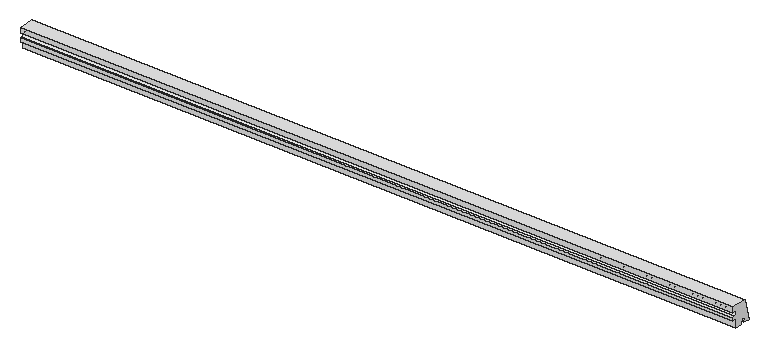
Revit family "13-MOULDING-CADS-163-PCBSILLNOSE-4-REVIT_Versatex-Generic-Model-SILL-NOSE", category Generic Models, host Face, Revit 2026
Family settings
  Host = Face
  Can host rebar = No
  Round Connector Dimension = Use Diameter
  Part Type = Normal
  Cut with Voids When Loaded = No
  Maintain Annotation Orientation = No
  Shared = No
  Room Calculation Point = No
Parameters
  Model = "PCBSILLNOSE"
  Length = 4' - 0"
  Warranty = "https://versatex.com/warranty/"
  URL = "https://versatex.com/"
  Specification = "https://www.arcat.com/company/versatex-45716/spec?coid=45716"
  Sales Information = "https://versatex.com/dealer-locator/"
  Message Manufacturer = "https://versatex.com/contact/"
  Material = Versatex PVC - Smooth
  Manufacturer Website = "https://versatex.com/"
  Manufacturer Phone = "724-857-1111"
  Manufacturer Fax = "724-857-1171"
  Manufacturer Address = "400 Steel Street, Aliquippa, PA 15001"
  Manufacturer = "Versatex"
  Literature = "https://versatex.com/literature/?_sft_literature_category=cads"
  Description = "SILL NOSE"
  Default Elevation = 4' - 0"
  Copyright = "© 2024 VERSATEX Building Products, LLC"
Reference planes (in)
  plane 1 "Center (Front/Back)": y = 0
  plane 2: z = 0
  plane 3 "Center (Left/Right)": x = 0
  plane 4: x = 24
  plane 5: x = -24
Forms (in)
  Sweep 1, solid, material "Versatex PVC - Smooth" <- "Material"
    path origin (0, 0, 0) x (1, 0, 0) y (0, 1, 0)
      loop
        line (-24, 0) -> (24, 0)
    profile "Versatex_Profile_SILL NOSE : Versatex_Profile_SILL NOSE" origin (0, 0, 0) x (0, 1, 0) y (0, 0, 1)
      loop
        line (0.145, 0.71333) -> (0, 0.71333) -> (0, 0.49167) -> (0.25167, 0.49167) -> (0.25167, 0) -> (0.65576, 0) -> (0.69667, 0.29167) -> (0.97, 0.255) -> (0.94615, 0) -> (1.28353, 0) -> (1.00653, 1.33167) -> (0, 1.33167) -> (0, 1.00333) -> (0.18, 1.00333)
        arc (0.18, 1.00333) -> (0.26219, 0.8463) -> (0.145, 0.71333) r 0.15642
Dimensions and locks (in)
  "Length": plane 5 to plane 4
  equal spacing: plane 5, plane 3 "Center (Left/Right)", plane 4, locked at 24 each
  aligned and locked: plane 2 to host face
  aligned and locked: level to host face
Automatic sketch dimensions
  host sketch curve to host sketch curve = 8' - 0"  (x2)
  plane 1 "Center (Front/Back)" to Sweep 1 sketch curve = 0' - 0"
  Sweep 1 sketch curve to plane 5 = 0' - 0"
  Sweep 1 sketch curve to plane 4 = 0' - 0"
